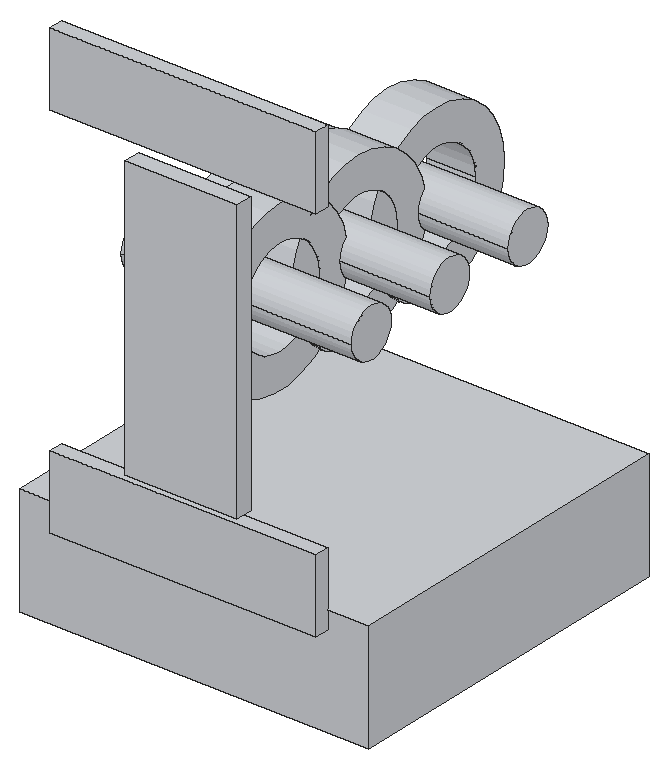
Revit family "GIS_CurrentTransformer", category Equipamento elétrico, Revit 2027
Family settings
  Configuração do painel = Duas colunas, circuitos transversais
  Cota do conector redondo = Utilizar diâmetro
  Tipo de parte = Painel de controle
  Com base no plano de trabalho = Não
  Sempre na vertical = Sim
  Corte com vazios quando carregada = Não
  Manter orientação da anotação = Não
  Compartilhado = Não
  Ponto de cálculo do ambiente = Não
Parameters (values of type "GIS_CT_145KV_STUDY")
  Default Elevation = 0 mm
  built-in parameter 1140142 [instance] = (empty or 0)
  built-in parameter 1140140 [instance] = 1 (stored number, unit not read)
  BIM_TensaoSecundaria_kV = 0
  BIM_TensaoNominal_kV = 138
  BIM_TensaoClasse_kV = 145
  BIM_TensaoClasseSecundaria_kV = 0
  BIM_Sistema_Elemento [instance] = ""
  BIM_ReferenciaCatalogo = "Portfolio estimate; ratio/class pending protection study"
  BIM_Profundidade = 800 mm
  BIM_Potencia_MVA = 0
  BIM_Localizacao [instance] = ""
  BIM_Largura = 800 mm
  BIM_Impedancia_pu = 0
  BIM_FonteGeometria = "Portfolio estimate; ratio/class pending protection study"
  BIM_Fabricante = "NAO SELECIONADO"
  BIM_EstadoGeometria = "ESTIMATED"
  BIM_EstadoEspecificacao = "PREMISSA / NAO SELECIONADO"
  BIM_DescricaoEstudo = "Transformador de corrente GIS; relacao, classe e nucleos nao selecionados."
  BIM_CorrenteReferenciaSecundaria_A = 0
  BIM_CorrenteNominal_A = 0
  BIM_Bay [instance] = ""
  BIM_AlturaCorpoPrincipal = 252 mm
  BIM_Altura = 1400 mm
  built-in parameter 1155100 [instance] = (empty or 0)
Reference planes
  plane 1 "Centro (Frente/Trás)": y = 0
  plane 2: z = 0
  plane 3 "Centro (Esquerda/Direita)": x = 0
  plane 4 "BIM Left": x = -400
  plane 5 "BIM Right": x = 400
  plane 6 "BIM Front": y = -400
  plane 7 "BIM Back": y = 400
Forms (mm)
  Extrusion 1, solid
    sketch origin (0, 0, 0) x (1, 0, 0) y (0, 1, 0)
      loop
        line (-400, -400) -> (400, -400) -> (400, 400) -> (-400, 400) -> (-400, -400)
    from 0 to 252 <- "BIM_AlturaCorpoPrincipal"
  Extrusion 2, solid
    sketch origin (0, 0, 210) x (1, 0, 0) y (0, 1, 0)
      loop
        line (-304, -433.528) -> (304, -433.528) -> (304, -400) -> (-304, -400) -> (-304, -433.528)
    from 0 to 168
  Extrusion 3, solid
    sketch origin (0, 0, 392) x (1, 0, 0) y (0, 1, 0)
      loop
        line (-128, -439.624) -> (128, -439.624) -> (128, -400) -> (-128, -400) -> (-128, -439.624)
    from 0 to 644
  Extrusion 4, solid
    sketch origin (0, 0, 1078) x (1, 0, 0) y (0, 1, 0)
      loop
        line (-304, -433.528) -> (304, -433.528) -> (304, -400) -> (-304, -400) -> (-304, -433.528)
    from 0 to 168
  Extrusion 5, solid
    sketch origin (-56, -224, 728) x (0, 1, 0) y (0, 0, 1)
      loop
        circle (0, 0) r 192
      loop
        circle (0, 0) r 112
    from 0 to 112
  Extrusion 6, solid
    sketch origin (-264, -224, 728) x (0, 1, 0) y (0, 0, 1)
      loop
        circle (0, 0) r 56
    from 0 to 528
  Extrusion 7, solid
    sketch origin (-56, 0, 728) x (0, 1, 0) y (0, 0, 1)
      loop
        circle (0, 0) r 192
      loop
        circle (0, 0) r 112
    from 0 to 112
  Extrusion 8, solid
    sketch origin (-264, 0, 728) x (0, 1, 0) y (0, 0, 1)
      loop
        circle (0, 0) r 56
    from 0 to 528
  Extrusion 9, solid
    sketch origin (-56, 224, 728) x (0, 1, 0) y (0, 0, 1)
      loop
        circle (0, 0) r 192
      loop
        circle (0, 0) r 112
    from 0 to 112
  Extrusion 10, solid
    sketch origin (-264, 224, 728) x (0, 1, 0) y (0, 0, 1)
      loop
        circle (0, 0) r 56
    from 0 to 528
Dimensions and locks
  "BIM_Largura": plane 4 "BIM Left" to plane 5 "BIM Right"
  "BIM_Profundidade": plane 6 "BIM Front" to plane 7 "BIM Back"
  aligned and locked: level to plane 2
  aligned and locked: plane 4 "BIM Left" to Extrusion 1
  aligned and locked: Extrusion 1 to plane 5 "BIM Right"
  aligned and locked: Extrusion 1 to plane 6 "BIM Front"
  aligned and locked: plane 7 "BIM Back" to Extrusion 1
Automatic sketch dimensions
  Extrusion 1 sketch curve to plane 4 "BIM Left" = 0 mm
  Extrusion 1 sketch curve to plane 5 "BIM Right" = 0 mm
  Extrusion 1 sketch curve to plane 6 "BIM Front" = 0 mm
  Extrusion 1 sketch curve to plane 7 "BIM Back" = 0 mm
  Extrusion 2 sketch curve to plane 6 "BIM Front" = 0 mm
  Extrusion 2 sketch curve to plane 6 "BIM Front" = 33.528 mm
  Extrusion 2 sketch curve to plane 4 "BIM Left" = 96 mm
  plane 5 "BIM Right" to Extrusion 2 sketch curve = 96 mm
  Extrusion 3 sketch curve to plane 6 "BIM Front" = 0 mm
  Extrusion 3 sketch curve to plane 6 "BIM Front" = 39.624 mm
  Extrusion 3 sketch curve to plane 3 "Centro (Esquerda/Direita)" = 128 mm
  plane 3 "Centro (Esquerda/Direita)" to Extrusion 3 sketch curve = 128 mm
  Extrusion 4 sketch curve to plane 6 "BIM Front" = 0 mm
  Extrusion 4 sketch curve to plane 6 "BIM Front" = 33.528 mm
  Extrusion 4 sketch curve to plane 4 "BIM Left" = 96 mm
  plane 5 "BIM Right" to Extrusion 4 sketch curve = 96 mm
  Extrusion 5 sketch curve to Extrusion 5 sketch curve = 0 mm  (x12)
  plane 6 "BIM Front" to Extrusion 5 sketch curve = 176 mm
  level to Extrusion 5 sketch curve = 728 mm
  plane 6 "BIM Front" to Extrusion 5 sketch curve = 64 mm
  Extrusion 5 sketch curve to plane 6 "BIM Front" = 16 mm
  Extrusion 6 sketch curve to Extrusion 6 sketch curve = 0 mm  (x2)
  plane 6 "BIM Front" to Extrusion 6 sketch curve = 176 mm
  level to Extrusion 6 sketch curve = 728 mm
  Extrusion 6 sketch curve to Extrusion 6 sketch curve = 56 mm
  Extrusion 7 sketch curve to Extrusion 7 sketch curve = 0 mm  (x12)
  Extrusion 7 sketch curve to plane 1 "Centro (Frente/Trás)" = 0 mm
  level to Extrusion 7 sketch curve = 728 mm
  Extrusion 7 sketch curve to Extrusion 7 sketch curve = 112 mm
  Extrusion 7 sketch curve to Extrusion 7 sketch curve = 80 mm
  Extrusion 8 sketch curve to Extrusion 8 sketch curve = 0 mm  (x2)
  Extrusion 8 sketch curve to plane 1 "Centro (Frente/Trás)" = 0 mm
  level to Extrusion 8 sketch curve = 728 mm
  Extrusion 8 sketch curve to Extrusion 8 sketch curve = 56 mm
  Extrusion 9 sketch curve to Extrusion 9 sketch curve = 0 mm  (x12)
  Extrusion 9 sketch curve to plane 7 "BIM Back" = 176 mm
  level to Extrusion 9 sketch curve = 728 mm
  Extrusion 9 sketch curve to plane 1 "Centro (Frente/Trás)" = 112 mm
  Extrusion 9 sketch curve to plane 1 "Centro (Frente/Trás)" = 32 mm
  Extrusion 10 sketch curve to Extrusion 10 sketch curve = 0 mm  (x2)
  Extrusion 10 sketch curve to plane 7 "BIM Back" = 176 mm
  level to Extrusion 10 sketch curve = 728 mm
  Extrusion 10 sketch curve to Extrusion 10 sketch curve = 56 mm
